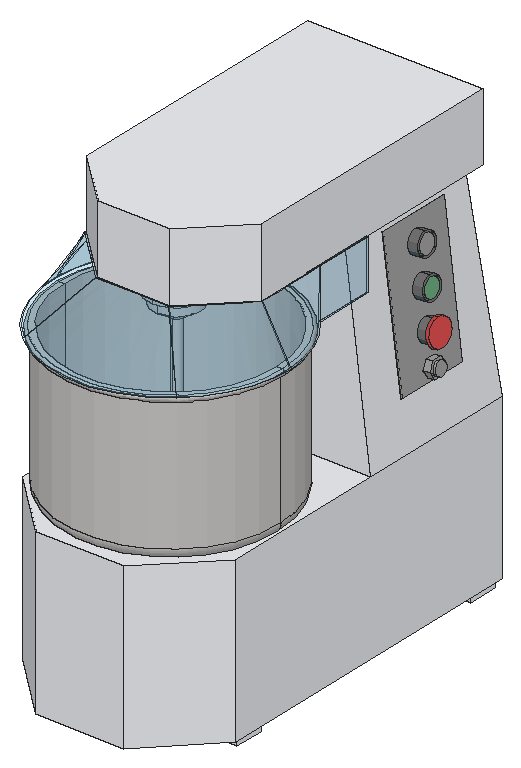
Revit family "QF_ELECTROLUXPROFESSIONAL_291250_ZSP10", category Specialty Equipment, Revit 2018
Family settings
  Round Connector Dimension = Use Diameter
  Part Type = Normal
  Work Plane-Based = No
  Always vertical = Yes
  Cut with Voids When Loaded = No
  Shared = No
  Room Calculation Point = No
Parameters (values of type "QF_ELECTROLUX_291250_ZSP10")
  Weight = 47.00 kg
  Watts = 0 W
  Volts = 400 V
  URL Manufacturer = "http://professional.electrolux.com"
  URL = "http://professional.electrolux.com"
  Steam Supply Size = 0 mm
  Steam Supply Minimum Pressure = 0.0 Pa
  Steam Supply Maximum Pressure = 0.0 Pa
  Steam Pounds per Hour = 0
  Refrigeration Suction Line Size = 0 mm
  Refrigeration Liquid Line Size = 0 mm
  Refrigerant Compressor Remote = yes
  Manufacturer = "Electrolux"
  Phase = 3
  Model = "ZSP10"
  Length Actual = 280 mm  # constant formula
  Item Number = "291250"
  Hot Water Size = 0 mm
  Height Actual = 580 mm  # constant formula
  HP = "0.7 HP"
  Gas Size = 0 mm
  Gas KW = 0
  Gas Input Pressure = 0 W
  Direct Waste Size = 0 mm
  Description = "SPIRAL DOUGH KNEADER 12L 1SP.400/3"
  Depth Actual = 520 mm  # constant formula
  Cycle = 50 Hz
  Condensate Return Size = 0 mm
  Compressed Air Volume = 0.0 L/s
  Compressed Air Size = 0 mm
  Compressed Air Pressure = 0.0 Pa
  Cold Water Size = 0 mm
  Accessory = yes
Types (2, lengths in mm): name | URL | Manufacturer | Phase | Model | Description
  (no name) | 0 | 0 | 0 | 0 | 0
  QF_ELECTROLUX_291250_ZSP10 | "http://professional.electrolux.com" | "Electrolux" | 3 | "ZSP10" | "SPIRAL DOUGH KNEADER 12L 1SP.400/3"
Values of the unnamed type that differ from the named types
  Volts = 0 V
  URL Manufacturer = ""
  Item Number = ""
  Cycle = 0 Hz
Reference planes
  plane 1 "Center (Front/Back)": y = 0
  plane 2: z = 0
  plane 3 "Center (Left/Right)": x = 0
  plane 4 "BASE": z = 225
  plane 5 "TOP": z = 580
  plane 6 "FRONT": y = -260
  plane 7 "BACK": y = 260
  plane 8 "LEFT": x = -140
  plane 9 "RIGHT": x = 140
  plane 10: z = 490
  plane 11 "CX": y = -110
  plane 12 "PANEL": through (140, -1524, 225) normal (-0.9916, 0, -0.129)
Forms (mm)
  Extrusion 1, solid, material "QF_Finishes_White"
    sketch origin (0, 0, 0) x (1, 0, 0) y (0, 1, 0)
      loop
        line (-135, 255) -> (-135, 215) -> (-115, 215) -> (-115, 255) -> (-135, 255)
      loop
        line (-135, -130) -> (-135, -170) -> (-115, -170) -> (-115, -130) -> (-135, -130)
      loop
        line (135, 255) -> (115, 255) -> (115, 215) -> (135, 215) -> (135, 255)
      loop
        line (135, -130) -> (115, -130) -> (115, -170) -> (135, -170) -> (135, -130)
    from 0 to 10
  Extrusion 2, solid, material "QF_Finishes_White"
    sketch origin (0, 0, 0) x (1, 0, 0) y (0, 1, 0)
      loop
        line (-140, 260) -> (-140, -178) -> (-58, -260) -> (58, -260) -> (140, -178) -> (140, 260) -> (-140, 260)
    from 225 to 10
  Blend 3, solid, material "QF_Finishes_White"
    base sketch origin (0, 0, 0) x (1, 0, 0) y (0, 1, 0)
      loop
        line (-140, 260) -> (-140, 45) -> (140, 45) -> (140, 260) -> (-140, 260)
    top sketch origin (0, 0, 0) x (1, 0, 0) y (0, 1, 0)
      loop
        line (-105.517, 242.833) -> (-105.517, 45) -> (105.517, 45) -> (105.517, 242.833) -> (-105.517, 242.833)
    from 225 to 490
  Extrusion 4, solid, material "QF_Finishes_White"
    sketch origin (0, 0, 0) x (1, 0, 0) y (0, 1, 0)
      loop
        line (-115.116, 260) -> (-115.116, -103.643) -> (-47.5, -171.259) -> (47.5, -171.259) -> (115, -103.759) -> (115, 260) -> (-115.116, 260)
    from 580 to 490
  Revolve 5, solid, material "QF_Finishes_Stainless Steel"
    sketch origin (0, 20.508, -90) x (0, 1, 0) y (0, 0, 1)
      loop
        line (-81.74, 580) -> (-120.508, 580) -> (-120.508, 404.668) -> (-114.084, 404.668) -> (-114.084, 519.668) -> (-89.213, 536.444) -> (-89.213, 551.444) -> (-81.74, 551.444) -> (-81.74, 580)
      axis (-120.508, 404.668) -> (-120.508, 580)
    angle from 0 to 360
  Revolve 6, solid, material "QF_Finishes_Stainless Steel"
    sketch origin (0, -110, 0) x (0, 0, 1) y (1, 0, 0)
      loop
        line (423.04, 140) -> (423.04, 147.438)
        arc (423.04, 147.438) -> (419.488, 150.99) -> (415.937, 147.438) r 3.552
        line (415.937, 147.438) -> (415.937, 145) -> (240.325, 145)
        arc (240.325, 145) -> (229.489, 140.511) -> (225, 129.675) r 15.325
        line (225, 129.675) -> (225, 0) -> (230, 0) -> (230, 129.675)
        arc (230, 129.675) -> (233.024, 136.976) -> (240.325, 140) r 10.325
        line (240.325, 140) -> (423.04, 140)
      axis (225, 0) -> (423.04, 0)
    angle from 0 to 360
  Blend 7, solid, material "Glass"
    base sketch origin (0, 0, 0) x (1, 0, 0) y (0, 1, 0)
      loop
        arc (115.116, -9.217) -> (142.241, -53.641) -> (152.904, -104.587) r 153
        arc (152.904, -104.587) -> (140.348, -170.922) -> (100.464, -225.395) r 153
        arc (100.464, -225.395) -> (0, -263) -> (-100.464, -225.395) r 153
        arc (-100.464, -225.395) -> (-140.371, -170.869) -> (-152.9, -104.471) r 153
        arc (-152.9, -104.471) -> (-142.22, -53.587) -> (-115.116, -9.217) r 153
        line (-115.116, -9.217) -> (-115.116, 69.595) -> (-117.116, 69.595) -> (-117.116, -8.468)
        arc (-117.116, -8.468) -> (-144.231, -53.233) -> (-154.901, -104.471) r 155
        arc (-154.901, -104.471) -> (-142.219, -171.634) -> (-101.882, -226.812) r 155
        arc (-101.882, -226.812) -> (0, -265) -> (101.882, -226.812) r 155
        arc (101.882, -226.812) -> (142.196, -171.688) -> (154.905, -104.587) r 155
        arc (154.905, -104.587) -> (144.252, -53.288) -> (117.116, -8.468) r 155
        line (117.116, -8.468) -> (117.116, 69.595) -> (115.116, 69.595) -> (115.116, -9.217)
    top sketch origin (0, 0, 0) x (1, 0, 0) y (0, 1, 0)
      loop
        line (-115.116, -8.468) -> (-115.116, 69.595) -> (-117.116, 69.595) -> (-117.116, -8.468) -> (-117.116, -104.471) -> (-48.328, -173.259) -> (48.328, -173.259) -> (117.116, -104.471) -> (117.116, -8.468) -> (117.116, 69.421) -> (115.116, 69.421) -> (115.116, -8.468) -> (115.116, -103.643) -> (47.5, -171.259) -> (-47.5, -171.259) -> (-115.116, -103.643) -> (-115.116, -8.468)
    from 423.04 to 490
  Extrusion 8, solid, material "QF_Finishes_Gray"
    sketch origin (166.46, 0, 21.661) x (0.129037, 0, -0.99164) y (0, -1, 0)
      loop
        line (-459.766, -102.929) -> (-459.766, -202.929) -> (-269.766, -202.929) -> (-269.766, -102.929) -> (-459.766, -102.929)
    from 0 to -2
  Extrusion 9, solid, material "QF_Finishes_Rubber Black"
    sketch origin (166.46, 0, 21.661) x (0.129037, 0, -0.99164) y (0, -1, 0)
      loop
        circle (-428.413, -152.929) r 15
      loop
        circle (-428.413, -152.929) r 13
      loop
        circle (-378.413, -152.929) r 15
      loop
        circle (-378.413, -152.929) r 13
      loop
        circle (-328.413, -152.929) r 15
      loop
        circle (-328.413, -152.929) r 13
    from -2 to -16.389
  Extrusion 10, solid, material "QF_Finishes_Gray"
    sketch origin (166.46, 0, 21.661) x (0.129037, 0, -0.99164) y (0, -1, 0)
      loop
        circle (-428.413, -152.929) r 13
    from -2 to -16.389
  Extrusion 11, solid, material "QF_Finishes_Green"
    sketch origin (172.911, 0, -27.921) x (0.129037, 0, -0.99164) y (0, -1, 0)
      loop
        circle (-428.413, -152.929) r 13
    from -2 to -16.389
  Extrusion 12, solid, material "QF_Finishes_Red"
    sketch origin (166.46, 0, 21.661) x (0.129037, 0, -0.99164) y (0, -1, 0)
      loop
        circle (-328.413, -152.929) r 18
    from -16.389 to -20.985
  Extrusion 13, solid, material "QF_Finishes_Gray"
    sketch origin (166.46, 0, 21.661) x (0.129037, 0, -0.99164) y (0, -1, 0)
      loop
        line (-286.257, -165.541) -> (-275.335, -159.235) -> (-275.335, -146.623) -> (-286.257, -140.318) -> (-297.179, -146.623) -> (-297.179, -159.235) -> (-286.257, -165.541)
      loop
        circle (-286.257, -152.929) r 9
    from -12.471 to -2
  Extrusion 14, solid, material "QF_Finishes_Gray"
    sketch origin (166.46, 0, 21.661) x (0.129037, 0, -0.99164) y (0, -1, 0)
      loop
        circle (-286.257, -152.929) r 9
    from -2 to -16.389
  Extrusion 15, solid, material "QF_Finishes_Stainless Steel"
    sketch origin (0, 260, 0) x (-1, 0, 0) y (0, 0, 1)
      loop
        circle (0, 160) r 10
    from 0 to 3.664
Lines and regions (mm)
  symbolic lines
    curve 1: line (-140, 260, 0) -> (140, 260, 0)
    curve 2: line (140, 260, 0) -> (140, -43.479, 0)
    curve 3: line (-140, 260, 0) -> (-140, -43.479, 0)
    curve 4: arc (-117.116, -11.548, 0) -> (0, -263, 0) -> (117.116, -11.548, 0) r 153
    curve 5: line (-115.116, 260, 0) -> (-115.116, -103.643, 0)
    curve 6: line (115, -103.759, 0) -> (115, 260, 0)
    curve 7: line (-115.116, -103.643, 0) -> (-47.5, -171.259, 0)
    curve 8: line (-47.5, -171.259, 0) -> (47.5, -171.259, 0)
    curve 9: line (47.5, -171.259, 0) -> (115, -103.759, 0)
    curve 10: line (115, 102.929, 0) -> (133.633, 102.929, 0)
    curve 11: line (133.633, 202.929, 0) -> (115, 202.929, 0)
    curve 12: line (133.633, 102.929, 0) -> (133.633, 202.929, 0)
    curve 13: line (-58, -260, 0) -> (58, -260, 0)
    curve 14: line (58, -260, 0) -> (69.41, -248.59, 0)
    curve 15: line (-68.607, -249.393, 0) -> (-58, -260, 0)
    curve 16: line (-115.116, 45, 0) -> (-140, 45, 0)
    curve 17: line (115, 45, 0) -> (140, 45, 0)
Dimensions and locks
  plane 4 "BASE" to level = 225 mm
  plane 5 "TOP" to level = 580 mm  (x2)
  equal spacing: plane 8 "LEFT", plane 3 "Center (Left/Right)", plane 9 "RIGHT"
  equal spacing: plane 7 "BACK", plane 1 "Center (Front/Back)", plane 6 "FRONT"
  plane 7 "BACK" to plane 6 "FRONT" = 520 mm
  plane 8 "LEFT" to plane 9 "RIGHT" = 280 mm
  plane 5 "TOP" to plane 10 = 90 mm
  plane 6 "FRONT" to plane 11 "CX" = 150 mm
  aligned and locked: level to plane 2
Automatic sketch dimensions
  plane 8 "LEFT" to Extrusion 1 sketch curve = 5 mm  (x2)
  Extrusion 1 sketch curve to Extrusion 1 sketch curve = 20 mm  (x2)
  plane 9 "RIGHT" to Extrusion 1 sketch curve = 25 mm  (x2)
  Extrusion 1 sketch curve to plane 7 "BACK" = 5 mm  (x2)
  plane 9 "RIGHT" to Extrusion 1 sketch curve = 5 mm  (x2)
  Extrusion 1 sketch curve to plane 7 "BACK" = 45 mm
  Extrusion 1 sketch curve to Extrusion 1 sketch curve = 40 mm  (x3)
  Extrusion 1 sketch curve to plane 11 "CX" = 20 mm  (x2)
  Extrusion 2 sketch curve to plane 7 "BACK" = 0 mm
  Extrusion 2 sketch curve to plane 8 "LEFT" = 0 mm
  Extrusion 2 sketch curve to plane 6 "FRONT" = 0 mm
  Extrusion 2 sketch curve to plane 9 "RIGHT" = 0 mm
  Extrusion 2 sketch curve to plane 3 "Center (Left/Right)" = 58 mm
  plane 3 "Center (Left/Right)" to Extrusion 2 sketch curve = 58 mm
  Extrusion 2 sketch curve to plane 11 "CX" = 68 mm  (x2)
  Blend 3 sketch curve to plane 8 "LEFT" = 0 mm
  Blend 3 sketch curve to plane 9 "RIGHT" = 0 mm
  Blend 3 sketch curve to plane 7 "BACK" = 0 mm
  Blend 3 sketch curve to plane 1 "Center (Front/Back)" = 45 mm  (x2)
  plane 8 "LEFT" to Blend 3 sketch curve = 34.483 mm
  plane 9 "RIGHT" to Blend 3 sketch curve = 34.483 mm
  Blend 3 sketch curve to plane 7 "BACK" = 17.167 mm
  plane 8 "LEFT" to Extrusion 4 sketch curve = 24.884 mm
  Extrusion 4 sketch curve to plane 3 "Center (Left/Right)" = 47.5 mm
  plane 3 "Center (Left/Right)" to Extrusion 4 sketch curve = 47.5 mm
  plane 11 "CX" to Extrusion 4 sketch curve = 6.241 mm
  plane 9 "RIGHT" to Extrusion 4 sketch curve = 25 mm
  Extrusion 4 sketch curve to plane 11 "CX" = 61.259 mm
  plane 11 "CX" to Extrusion 4 sketch curve = 6.357 mm
  Extrusion 4 sketch curve to plane 7 "BACK" = 0 mm
  Revolve 5 sketch curve to plane 10 = 0 mm
  plane 11 "CX" to Revolve 5 sketch curve = 10 mm  (x2)
  Revolve 5 sketch curve to Revolve 5 sketch curve = 6.424 mm
  Revolve 5 sketch curve to Revolve 5 sketch curve = 24.871 mm
  Revolve 5 sketch curve to Revolve 5 sketch curve = 7.472 mm
  Revolve 5 sketch curve to plane 10 = 28.556 mm
  Revolve 5 sketch curve to Revolve 5 sketch curve = 15 mm  (x2)
  Revolve 5 sketch curve to Revolve 5 sketch curve = 16.776 mm
  plane 4 "BASE" to Revolve 5 sketch curve = 89.668 mm
  plane 10 to Revolve 5 sketch curve = 10 mm
  Revolve 6 sketch curve to Revolve 6 sketch curve = 0 mm  (x2)
  Revolve 6 sketch curve to plane 4 "BASE" = 0 mm
  Revolve 6 sketch curve to plane 3 "Center (Left/Right)" = 0 mm  (x2)
  plane 9 "RIGHT" to Revolve 6 sketch curve = 0 mm
  plane 4 "BASE" to Revolve 6 sketch curve = 5 mm
  Revolve 6 sketch curve to Revolve 6 sketch curve = 10.325 mm
  Revolve 6 sketch curve to plane 10 = 74.063 mm
  Revolve 6 sketch curve to Revolve 6 sketch curve = 3.552 mm
  Revolve 6 sketch curve to Revolve 6 sketch curve = 2.438 mm
  Revolve 6 sketch curve to Revolve 6 sketch curve = 15.605 mm
  plane 5 "TOP" to Revolve 6 sketch curve = 25.605 mm
  Blend 7 sketch curve to Blend 7 sketch curve = 0 mm  (x92)
  Blend 7 sketch curve to plane 3 "Center (Left/Right)" = 0 mm
  Blend 7 sketch curve to plane 11 "CX" = 0 mm
  plane 8 "LEFT" to Blend 7 sketch curve = 24.884 mm
  Blend 7 sketch curve to Blend 7 sketch curve = 2 mm  (x5)
  plane 1 "Center (Front/Back)" to Blend 7 sketch curve = 9.217 mm
  plane 9 "RIGHT" to Blend 7 sketch curve = 24.884 mm  (x2)
  Blend 7 sketch curve to Blend 7 sketch curve = 0.749 mm
  Blend 7 sketch curve to plane 1 "Center (Front/Back)" = 69.595 mm  (x3)
  plane 6 "FRONT" to Blend 7 sketch curve = 34.605 mm  (x2)
  Blend 7 sketch curve to Blend 7 sketch curve = 1.418 mm  (x2)
  plane 11 "CX" to Blend 7 sketch curve = 5.529 mm
  Blend 7 sketch curve to Blend 7 sketch curve = 2.001 mm  (x2)
  plane 11 "CX" to Blend 7 sketch curve = 5.413 mm
  plane 1 "Center (Front/Back)" to Blend 7 sketch curve = 8.468 mm  (x2)
  plane 8 "LEFT" to Blend 7 sketch curve = 22.884 mm
  Blend 7 sketch curve to plane 3 "Center (Left/Right)" = 48.328 mm
  Blend 7 sketch curve to Blend 7 sketch curve = 0.828 mm  (x4)
  plane 3 "Center (Left/Right)" to Blend 7 sketch curve = 47.5 mm
  plane 11 "CX" to Blend 7 sketch curve = 6.357 mm  (x2)
  Blend 7 sketch curve to plane 11 "CX" = 61.259 mm
  Blend 7 sketch curve to plane 1 "Center (Front/Back)" = 69.421 mm
  Extrusion 8 sketch curve to plane 7 "BACK" = 57.071 mm
  Extrusion 8 sketch curve to Extrusion 8 sketch curve = 190 mm
  Extrusion 8 sketch curve to Extrusion 8 sketch curve = 100 mm
  Extrusion 9 sketch curve to Extrusion 9 sketch curve = 0 mm  (x8)
  Extrusion 9 sketch curve to plane 7 "BACK" = 107.071 mm
  Extrusion 9 sketch curve to Extrusion 9 sketch curve = 50 mm  (x2)
  Extrusion 10 sketch curve to plane 7 "BACK" = 107.071 mm
  Extrusion 11 sketch curve to plane 7 "BACK" = 107.071 mm
  Extrusion 12 sketch curve to plane 7 "BACK" = 107.071 mm
  Extrusion 13 sketch curve to plane 7 "BACK" = 113.377 mm
  Extrusion 13 sketch curve to plane 7 "BACK" = 94.459 mm
  Extrusion 13 sketch curve to Extrusion 13 sketch curve = 10.922 mm  (x3)
  Extrusion 13 sketch curve to plane 7 "BACK" = 119.682 mm
  Extrusion 13 sketch curve to Extrusion 13 sketch curve = 0 mm
  Extrusion 13 sketch curve to Extrusion 13 sketch curve = 12.612 mm  (x2)
  Extrusion 13 sketch curve to Extrusion 13 sketch curve = 6.306 mm  (x2)
  Extrusion 14 sketch curve to plane 7 "BACK" = 107.071 mm
  Extrusion 15 sketch curve to plane 3 "Center (Left/Right)" = 0 mm
  Extrusion 15 sketch curve to plane 4 "BASE" = 65 mm
  curve 1 to plane 7 "BACK" = 0 mm
  curve 1 to plane 8 "LEFT" = 0 mm
  curve 13 to plane 6 "FRONT" = 0 mm
  curve 4 to plane 3 "Center (Left/Right)" = 0 mm
  curve 17 to plane 9 "RIGHT" = 0 mm
  curve 4 to plane 11 "CX" = 0 mm
  plane 11 "CX" to curve 5 = 6.357 mm
  plane 8 "LEFT" to curve 5 = 24.884 mm
  curve 13 to plane 3 "Center (Left/Right)" = 58 mm
  curve 8 to plane 3 "Center (Left/Right)" = 47.5 mm
  plane 3 "Center (Left/Right)" to curve 9 = 47.5 mm
  plane 3 "Center (Left/Right)" to curve 14 = 58 mm
  plane 11 "CX" to curve 9 = 6.241 mm
  plane 9 "RIGHT" to curve 11 = 6.367 mm
  curve 7 to plane 11 "CX" = 61.259 mm
  curve 10 to plane 1 "Center (Front/Back)" = 102.929 mm
  curve 11 to plane 7 "BACK" = 57.071 mm
  plane 8 "LEFT" to curve 4 = 22.884 mm
  plane 6 "FRONT" to curve 15 = 10.607 mm
  curve 15 to curve 13 = 10.607 mm
  plane 6 "FRONT" to curve 14 = 11.41 mm
  curve 13 to curve 14 = 11.41 mm
  curve 17 to curve 17 = 25 mm
  plane 1 "Center (Front/Back)" to curve 4 = 11.548 mm
  plane 9 "RIGHT" to curve 4 = 22.884 mm
  curve 2 to curve 4 = 31.931 mm
  curve 3 to curve 4 = 31.931 mm
  curve 16 to plane 1 "Center (Front/Back)" = 45 mm
  curve 17 to plane 1 "Center (Front/Back)" = 45 mm
  radius of Extrusion 9 sketch curve = 15 mm  (x3)
  radius of Extrusion 9 sketch curve = 13 mm  (x3)
  radius of Extrusion 10 sketch curve = 13 mm
  radius of Extrusion 11 sketch curve = 13 mm
  radius of Extrusion 12 sketch curve = 18 mm
  radius of Extrusion 13 sketch curve = 9 mm
  radius of Extrusion 14 sketch curve = 9 mm
  radius of Extrusion 15 sketch curve = 10 mm
Connectors
  electrical at (0, 263.664, 160), driven by "Volts"
    settings: on Extrusion 15, index 1, voltage 400 V, apparent load 0 VA, apparent load phase1 0 VA, apparent load phase2 0 VA, apparent load phase3 0 VA, power factor 1, load classification "Other", number of poles 1, system type 30, power factor state 1, is connector primary yes, connector utility no, sub classification motor no, connector description "Electrical Connection"
